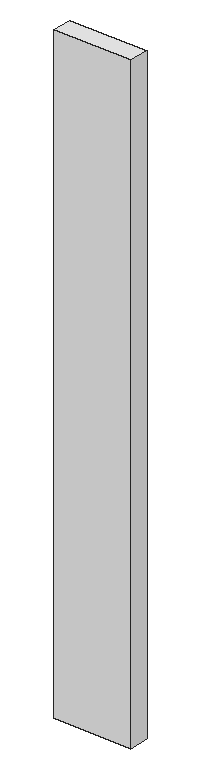
Revit family "Upper Cabinet-Filler-Wall (M)", category 케이스워크, Revit 2026
Family settings
  호스트 = 벽
  항상 수직 = 예
  로드될 때 보이드를 사용하여 절단 = 아니오
  공유 = 아니오
  룸 계산 점 = 아니오
Parameters (values of type "75mm")
  기본 높이 = 0 mm
  Cabinet Material = none
  깊이 = 300 mm
  높이 = 600 mm
  Top Of Cabinet = 2000 mm
  폭 = 75 mm
Reference planes
  plane 1: y = 0
  plane 2 "Center": x = 29.771
  plane 3 "Right": x = 67.271
  plane 4 "Left": x = -7.729
  plane 5: z = 1400
  plane 6: z = 2000
  plane 7 "Front": y = 376.2
  plane 8: y = 76.2
Forms (mm)
  Sweep 1, solid, material <- "Cabinet Material"
    path origin (0, 0, 0) x (1, 0, 0) y (0, 1, 0)
      loop
        line (-7.729, 376.2) -> (67.271, 376.2)
    profile origin (29.771, 0, 0) x (0, 1, 0) y (0, 0, 1)
      loop
        line (376.2, 2000) -> (357.15, 2000) -> (357.15, 1400) -> (376.2, 1400) -> (376.2, 2000)
Lines and regions (mm)
  symbolic lines, style "Plan Rep - Above"
    curve 1: line (-7.729, 76.2, 0) -> (67.271, 76.2, 0)
    curve 2: line (-7.729, 376.2, 0) -> (-7.729, 76.2, 0)
    curve 3: line (67.271, 376.2, 0) -> (-7.729, 376.2, 0)
    curve 4: line (67.271, 76.2, 0) -> (67.271, 376.2, 0)
Text (mm)
  text "Placement Side" at (0, 1019.848, 3124.603), in view "Right"
  text "Placement Side" at (-1487.085, 881.672, 0), in view "Floor Line"
  text "Placement Side" at (0, 1521.594, 3034.073), in view "Left"
Dimensions and locks
  equal spacing: plane 4 "Left", plane 2 "Center", plane 3 "Right"
  "폭": plane 4 "Left" to plane 3 "Right"
  "높이": plane 5 to plane 6
  "깊이": plane 8 to plane 7 "Front"
  "Top Of Cabinet": level to plane 6
  aligned and locked: plane 8 to host wall
  aligned and locked: Sweep 1 sketch curve to curve 2
  aligned and locked: plane 5 to Sweep 1 sketch curve
  aligned and locked: Sweep 1 sketch curve to plane 6
  aligned and locked: plane 7 "Front" to Sweep 1 sketch curve
Automatic sketch dimensions
  curve 3 to plane 4 "Left" = 0 mm
  curve 3 to plane 3 "Right" = 0 mm
  curve 1 to host wall = 0 mm
  curve 3 to plane 7 "Front" = 0 mm
  profile plane to Sweep 1 sketch curve = 19.05 mm
  Sweep 1 sketch curve to plane 3 "Right" = 0 mm
  Sweep 1 sketch curve to plane 7 "Front" = 0 mm
